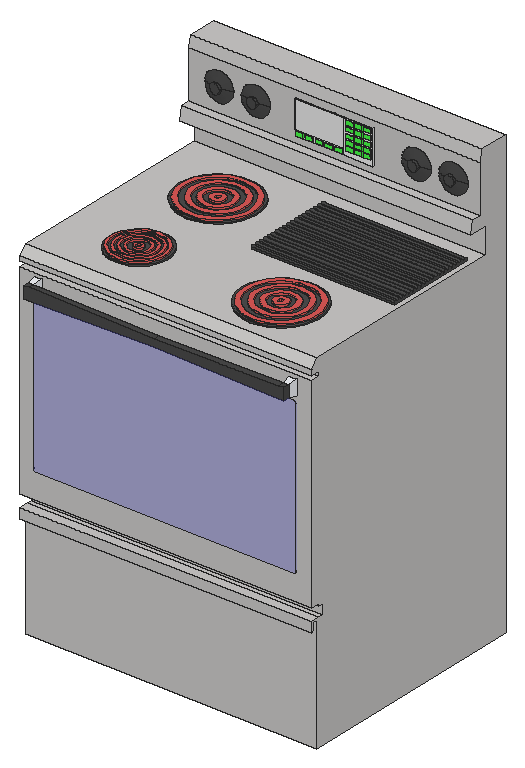
Revit family
Reference planes (in)
  plane 1 "Center Front/Back": y = 0
  plane 2: z = 0
  plane 3 "Center Left/Right": x = 0
Forms (in)
  Extrusion 1, solid, material "stove"
    sketch origin (0, 0, 0) x (0, 1, 0) y (0, 0, 1)
      loop
        line (12, 36) -> (12, 46) -> (9, 46) -> (8.77491, 44.842) -> (8.77491, 39.94893) -> (7.82379, 39.94893) -> (7.58189, 38.70445) -> (9.44709, 38.70445) -> (9.44709, 36) -> (-12.25, 36) -> (-13, 35.25) -> (-13, 34.75) -> (-12, 34.75) -> (-12, 34.25) -> (-13, 34.25) -> (-13, 13.25) -> (-12, 13.25) -> (-12, 13) -> (-11.5, 13) -> (-11.5, 12) -> (-12, 12) -> (-13, 12) -> (-13, 11) -> (-12.25, 11) -> (-12.25, 0) -> (12, 0) -> (12, 36)
    from 0 to 30
  Extrusion 2, solid, material "Glass"
    sketch origin (0, 0, 0) x (1, 0, 0) y (0, 0, 1)
      loop
        arc (1.74444, 31.8774) -> (1.56767, 31.80418) -> (1.49444, 31.6274) r 0.25
        line (1.49444, 31.6274) -> (1.49444, 16.1274)
        arc (1.49444, 16.1274) -> (1.56767, 15.95063) -> (1.74444, 15.8774) r 0.25
        line (1.74444, 15.8774) -> (28.24444, 15.8774)
        arc (28.24444, 15.8774) -> (28.42122, 15.95063) -> (28.49444, 16.1274) r 0.25
        line (28.49444, 16.1274) -> (28.49444, 31.6274)
        arc (28.49444, 31.6274) -> (28.42122, 31.80418) -> (28.24444, 31.8774) r 0.25
        line (28.24444, 31.8774) -> (1.74444, 31.8774)
    from 12.25 to 13.10156
  Extrusion 3, void
    sketch origin (0, 0, 0) x (0, 1, 0) y (0, 0, 1)
      loop
        line (-12.92228, 11) -> (-12.25, 11) -> (-12.25, 11.8803) -> (-12.83312, 11.8803) -> (-12.83312, 11.08916) -> (-12.92228, 11)
    from 0 to 30
  Extrusion 4, solid, material "Heating pads"
    sketch origin (0, 0, 0) x (1, 0, 0) y (0, 1, 0)
      loop
        circle (7.5, 3.09022) r 4
    from 36 to 36.11618
  Extrusion 5, solid, material "Heating pads"
    sketch origin (29.60539, -10.12844, 0) x (-1, 0, 0) y (0, -1, 0)
      loop
        circle (7.5, -3.09022) r 4
    from 36 to 36.11618
  Extrusion 6, solid, material "Heating pads"
    sketch origin (0, 0, 0) x (1, 0, 0) y (0, 1, 0)
      loop
        circle (7.5, -7.08808) r 3
    from 36 to 36.11618
  Extrusion 7, solid, material "Default 2"
    sketch origin (0, 0, 0) x (0, 1, 0) y (0, 0, 1)
      loop
        line (-1.53823, 36) -> (7.71177, 36) -> (7.71177, 36.23097)
        arc (7.71177, 36.23097) -> (7.58677, 36.35597) -> (7.46177, 36.23097) r 0.125
        arc (7.46177, 36.23097) -> (7.33677, 36.10597) -> (7.21177, 36.23097) r 0.125
        arc (7.21177, 36.23097) -> (7.08677, 36.35597) -> (6.96177, 36.23097) r 0.125
        arc (6.96177, 36.23097) -> (6.83677, 36.10597) -> (6.71177, 36.23097) r 0.125
        arc (6.71177, 36.23097) -> (6.58677, 36.35597) -> (6.46177, 36.23097) r 0.125
        arc (6.46177, 36.23097) -> (6.33677, 36.10597) -> (6.21177, 36.23097) r 0.125
        arc (6.21177, 36.23097) -> (6.08677, 36.35597) -> (5.96177, 36.23097) r 0.125
        arc (5.96177, 36.23097) -> (5.83677, 36.10597) -> (5.71177, 36.23097) r 0.125
        arc (5.71177, 36.23097) -> (5.58677, 36.35597) -> (5.46177, 36.23097) r 0.125
        arc (5.46177, 36.23097) -> (5.33677, 36.10597) -> (5.21177, 36.23097) r 0.125
        arc (5.21177, 36.23097) -> (5.08677, 36.35597) -> (4.96177, 36.23097) r 0.125
        arc (4.96177, 36.23097) -> (4.83677, 36.10597) -> (4.71177, 36.23097) r 0.125
        arc (4.71177, 36.23097) -> (4.58677, 36.35597) -> (4.46177, 36.23097) r 0.125
        arc (4.46177, 36.23097) -> (4.33677, 36.10597) -> (4.21177, 36.23097) r 0.125
        arc (4.21177, 36.23097) -> (4.08677, 36.35597) -> (3.96177, 36.23097) r 0.125
        arc (3.96177, 36.23097) -> (3.83677, 36.10597) -> (3.71177, 36.23097) r 0.125
        arc (3.71177, 36.23097) -> (3.58677, 36.35597) -> (3.46177, 36.23097) r 0.125
        arc (3.46177, 36.23097) -> (3.33677, 36.10597) -> (3.21177, 36.23097) r 0.125
        arc (3.21177, 36.23097) -> (3.08677, 36.35597) -> (2.96177, 36.23097) r 0.125
        arc (2.96177, 36.23097) -> (2.83677, 36.10597) -> (2.71177, 36.23097) r 0.125
        arc (2.71177, 36.23097) -> (2.58677, 36.35597) -> (2.46177, 36.23097) r 0.125
        arc (2.46177, 36.23097) -> (2.33677, 36.10597) -> (2.21177, 36.23097) r 0.125
        arc (2.21177, 36.23097) -> (2.08677, 36.35597) -> (1.96177, 36.23097) r 0.125
        arc (1.96177, 36.23097) -> (1.83677, 36.10597) -> (1.71177, 36.23097) r 0.125
        arc (1.71177, 36.23097) -> (1.58677, 36.35597) -> (1.46177, 36.23097) r 0.125
        arc (1.46177, 36.23097) -> (1.33677, 36.10597) -> (1.21177, 36.23097) r 0.125
        arc (1.21177, 36.23097) -> (1.08677, 36.35597) -> (0.96177, 36.23097) r 0.125
        arc (0.96177, 36.23097) -> (0.83677, 36.10597) -> (0.71177, 36.23097) r 0.125
        arc (0.71177, 36.23097) -> (0.58677, 36.35597) -> (0.46177, 36.23097) r 0.125
        arc (0.46177, 36.23097) -> (0.33677, 36.10597) -> (0.21177, 36.23097) r 0.125
        arc (0.21177, 36.23097) -> (0.08677, 36.35597) -> (-0.03823, 36.23097) r 0.125
        arc (-0.03823, 36.23097) -> (-0.16323, 36.10597) -> (-0.28823, 36.23097) r 0.125
        arc (-0.28823, 36.23097) -> (-0.41323, 36.35597) -> (-0.53823, 36.23097) r 0.125
        arc (-0.53823, 36.23097) -> (-0.66323, 36.10597) -> (-0.78823, 36.23097) r 0.125
        arc (-0.78823, 36.23097) -> (-0.91323, 36.35597) -> (-1.03823, 36.23097) r 0.125
        arc (-1.03823, 36.23097) -> (-1.16323, 36.10597) -> (-1.28823, 36.23097) r 0.125
        arc (-1.28823, 36.23097) -> (-1.41323, 36.35597) -> (-1.53823, 36.23097) r 0.125
        line (-1.53823, 36.23097) -> (-1.53823, 36)
    from 14.69231 to 29.40657
  Extrusion 8, solid, material "Stove Pads"
    sketch origin (0, -0.01363, 0) x (1, 0, 0) y (0, 1, 0)
      loop
        circle (7.5, 3.09022) r 3.75
      loop
        circle (7.5, 3.09022) r 3.25
    from 36.11618 to 36.23097
  Extrusion 9, solid, material "Stove Pads"
    sketch origin (0, 0.08999, 0) x (1, 0, 0) y (0, 1, 0)
      loop
        circle (7.5, 3.09022) r 2.75
      loop
        circle (7.5, 3.09022) r 2.25
    from 36.11618 to 36.23097
  Extrusion 10, solid, material "Stove Pads"
    sketch origin (0, 0.01273, 0) x (1, 0, 0) y (0, 1, 0)
      loop
        circle (7.5, 3.09022) r 1.75
      loop
        circle (7.5, 3.09022) r 1.25
    from 36.11618 to 36.23097
  Extrusion 11, solid, material "Stove Pads"
    sketch origin (0, 0.01092, 0) x (1, 0, 0) y (0, 1, 0)
      loop
        circle (7.5, 3.09022) r 0.75
      loop
        circle (7.5, 3.09022) r 0.25
    from 36.11618 to 36.23097
  Extrusion 12, solid, material "Stove Pads"
    sketch origin (14.60507, -10.12695, 0) x (1, 0, 0) y (0, 1, 0)
      loop
        circle (7.5, 3.09022) r 3.75
      loop
        circle (7.5, 3.09022) r 3.25
    from 36.11618 to 36.23097
  Extrusion 13, solid, material "Stove Pads"
    sketch origin (14.60507, -10.02333, 0) x (1, 0, 0) y (0, 1, 0)
      loop
        circle (7.5, 3.09022) r 2.75
      loop
        circle (7.5, 3.09022) r 2.25
    from 36.11618 to 36.23097
  Extrusion 14, solid, material "Stove Pads"
    sketch origin (14.60507, -10.10059, 0) x (1, 0, 0) y (0, 1, 0)
      loop
        circle (7.5, 3.09022) r 1.75
      loop
        circle (7.5, 3.09022) r 1.25
    from 36.11618 to 36.23097
  Extrusion 15, solid, material "Stove Pads"
    sketch origin (14.60507, -10.10239, 0) x (1, 0, 0) y (0, 1, 0)
      loop
        circle (7.5, 3.09022) r 0.75
      loop
        circle (7.5, 3.09022) r 0.25
    from 36.11618 to 36.23097
  Extrusion 16, solid, material "Stove Pads"
    sketch origin (-0.05999, 0, 0) x (1, 0, 0) y (0, 1, 0)
      loop
        circle (7.5, -7.08808) r 2.75
      loop
        circle (7.5, -7.08808) r 2.5
    from 36.11618 to 36.23097
  Extrusion 17, solid, material "Stove Pads"
    sketch origin (0, 0.00818, 0) x (1, 0, 0) y (0, 1, 0)
      loop
        circle (7.5, -7.08808) r 2.25
      loop
        circle (7.5, -7.08808) r 2
    from 36.11618 to 36.23097
  Extrusion 18, solid, material "Stove Pads"
    sketch origin (0, 0, 0) x (1, 0, 0) y (0, 1, 0)
      loop
        circle (7.5, -7.08808) r 1.75
      loop
        circle (7.5, -7.08808) r 1.5
    from 36.11618 to 36.23097
  Extrusion 19, solid, material "Stove Pads"
    sketch origin (0, 0, 0) x (1, 0, 0) y (0, 1, 0)
      loop
        circle (7.5, -7.08808) r 1.25
      loop
        circle (7.5, -7.08808) r 1
    from 36.11618 to 36.23097
  Extrusion 20, solid, material "Stove Pads"
    sketch origin (0, 0, 0) x (1, 0, 0) y (0, 1, 0)
      loop
        circle (7.5, -7.08808) r 0.5
      loop
        circle (7.5, -7.08808) r 0.25
    from 36.11618 to 36.23097
  Blend 21, solid, material "handles"
    base sketch origin (0, 0, 0) x (1, 0, 0) y (0, 0, 1)
      loop
        line (1.49444, 33.87561) -> (1.49444, 32.37561) -> (2.24444, 32.37561) -> (2.24444, 33.87561) -> (1.49444, 33.87561)
    top sketch origin (0, 0, 0) x (1, 0, 0) y (0, 0, 1)
      loop
        line (1.61665, 32.48996) -> (2.11665, 32.48996) -> (2.11665, 33.73996) -> (1.61665, 33.73996) -> (1.61665, 32.48996)
    from 13 to 13.90191
  Blend 22, solid, material "handles"
    base sketch origin (29.98888, 0, 0) x (-1, 0, 0) y (0, 0, -1)
      loop
        line (1.49444, -33.87561) -> (2.24444, -33.87561) -> (2.24444, -32.37561) -> (1.49444, -32.37561) -> (1.49444, -33.87561)
    top sketch origin (29.98888, 0, 0) x (-1, 0, 0) y (0, 0, -1)
      loop
        line (1.61665, -32.48996) -> (1.61665, -33.73996) -> (2.11665, -33.73996) -> (2.11665, -32.48996) -> (1.61665, -32.48996)
    from 13 to 13.90191
  Extrusion 23, solid, material "wood"
    sketch origin (0, 0, 0) x (1, 0, 0) y (0, 0, 1)
      loop
        line (1.61665, 32.48996) -> (2.11665, 32.48996) -> (14.99444, 32.73996) -> (27.87223, 32.48996) -> (28.37223, 32.48996) -> (28.37223, 33.73996) -> (27.87223, 33.73996) -> (14.99444, 33.48996) -> (2.11665, 33.73996) -> (1.61665, 33.73996) -> (1.61665, 32.48996)
    from 13.90191 to 14.50118
  Blend 24, solid, material "knobs"
    base sketch origin (0, 0, 0) x (1, 0, 0) y (0, 0, 1)
      loop
        circle (3.05577, 42.39546) r 1.5
    top sketch origin (0, 0, 0) x (1, 0, 0) y (0, 0, 1)
      loop
        circle (3.05577, 42.39546) r 0.25
    from -8.77491 to -8.54015
  Blend 25, solid, material "knobs"
    base sketch origin (3.78332, 0, 0) x (1, 0, 0) y (0, 0, 1)
      loop
        circle (3.05577, 42.39546) r 1.5
    top sketch origin (3.78332, 0, 0) x (1, 0, 0) y (0, 0, 1)
      loop
        circle (3.05577, 42.39546) r 0.25
    from -8.77491 to -8.54015
  Blend 26, solid, material "knobs"
    base sketch origin (20.3484, 0, 0.00066) x (1, 0, 0) y (0, 0, 1)
      loop
        circle (3.05577, 42.39546) r 1.5
    top sketch origin (20.3484, 0, 0.00066) x (1, 0, 0) y (0, 0, 1)
      loop
        circle (3.05577, 42.39546) r 0.25
    from -8.77491 to -8.54015
  Blend 27, solid, material "knobs"
    base sketch origin (24.13374, 0, -0.00244) x (1, 0, 0) y (0, 0, 1)
      loop
        circle (3.05577, 42.39546) r 1.5
    top sketch origin (24.13374, 0, -0.00244) x (1, 0, 0) y (0, 0, 1)
      loop
        circle (3.05577, 42.39546) r 0.25
    from -8.77491 to -8.54015
  Extrusion 28, solid, material "knobs 2"
    sketch origin (0, 0, 0) x (1, 0, 0) y (0, 0, 1)
      loop
        circle (6.83988, 42.39546) r 0.25
    from -8.54015 to -8.41424
  Extrusion 29, solid, material "knobs 2"
    sketch origin (16.56512, 0, 0.00126) x (1, 0, 0) y (0, 0, 1)
      loop
        circle (6.83988, 42.39546) r 0.25
    from -8.54015 to -8.41424
  Extrusion 30, solid, material "knobs 2"
    sketch origin (20.34789, 0, -0.00126) x (1, 0, 0) y (0, 0, 1)
      loop
        circle (6.83988, 42.39546) r 0.25
    from -8.54015 to -8.41424
  Extrusion 31, solid, material "knobs"
    sketch origin (0, 0, 0) x (1, 0, 0) y (0, 0, 1)
      loop
        circle (6.83988, 42.39546) r 0.5
    from -8.41424 to -8.24108
  Extrusion 32, solid, material "knobs"
    sketch origin (16.56422, 0, 0) x (1, 0, 0) y (0, 0, 1)
      loop
        circle (6.83988, 42.39546) r 0.5
    from -8.41424 to -8.24108
  Extrusion 33, solid, material "knobs"
    sketch origin (20.35121, 0, 0.00066) x (1, 0, 0) y (0, 0, 1)
      loop
        circle (6.83988, 42.39546) r 0.5
    from -8.41424 to -8.24108
  Extrusion 34, solid, material "knobs 2"
    sketch origin (-3.78365, 0, 0.00332) x (1, 0, 0) y (0, 0, 1)
      loop
        circle (6.83988, 42.39546) r 0.25
    from -8.54015 to -8.41424
  Extrusion 35, solid, material "knobs"
    sketch origin (-3.78365, 0, 0.00332) x (1, 0, 0) y (0, 0, 1)
      loop
        circle (6.83988, 42.39546) r 0.5
    from -8.41424 to -8.24108
  Extrusion 36, solid, material "touch pad base"
    sketch origin (0, 0, 0) x (1, 0, 0) y (0, 0, 1)
      loop
        line (15, 44.12561) -> (11, 44.12561) -> (11, 40.62561) -> (15, 40.62561) -> (19, 40.62561) -> (19, 44.12561) -> (15, 44.12561)
    from -8.77491 to -8.70996
  Extrusion 37, solid, material "touch pad buttons"
    sketch origin (0, 0, 0) x (1, 0, 0) y (0, 0, 1)
      loop
        line (11.82636, 40.71236) -> (11.82636, 41.14418) -> (11.07636, 41.14418) -> (11.07636, 40.71236) -> (11.82636, 40.71236)
      loop
        line (12.06279, 41.14418) -> (12.06279, 40.71236) -> (12.81279, 40.71236) -> (12.81279, 41.14418) -> (12.06279, 41.14418)
      loop
        line (13.08289, 41.14418) -> (13.08289, 40.71236) -> (13.83289, 40.71236) -> (13.83289, 41.14418) -> (13.08289, 41.14418)
      loop
        line (14.10486, 41.14418) -> (14.10486, 40.71236) -> (14.85486, 40.71236) -> (14.85486, 41.14418) -> (14.10486, 41.14418)
      loop
        line (15.13455, 41.14418) -> (15.13455, 40.71236) -> (15.88455, 40.71236) -> (15.88455, 41.14418) -> (15.13455, 41.14418)
      loop
        line (16.24118, 41.14418) -> (16.99118, 41.14418) -> (16.99118, 41.57601) -> (16.24118, 41.57601) -> (16.24118, 41.14418)
      loop
        line (17.13243, 41.14418) -> (17.88243, 41.14418) -> (17.88243, 41.57601) -> (17.13243, 41.57601) -> (17.13243, 41.14418)
      loop
        line (18.02367, 41.14418) -> (18.77367, 41.14418) -> (18.77367, 41.57601) -> (18.02367, 41.57601) -> (18.02367, 41.14418)
      loop
        line (18.02367, 41.67749) -> (18.77367, 41.67749) -> (18.77367, 42.10931) -> (18.02367, 42.10931) -> (18.02367, 41.67749)
      loop
        line (17.88243, 41.67749) -> (17.88243, 42.10931) -> (17.13243, 42.10931) -> (17.13243, 41.67749) -> (17.88243, 41.67749)
      loop
        line (16.99118, 41.67749) -> (16.99118, 42.10931) -> (16.24118, 42.10931) -> (16.24118, 41.67749) -> (16.99118, 41.67749)
      loop
        line (16.99118, 42.28718) -> (16.99118, 42.719) -> (16.24118, 42.719) -> (16.24118, 42.28718) -> (16.99118, 42.28718)
      loop
        line (17.13243, 42.719) -> (17.13243, 42.28718) -> (17.88243, 42.28718) -> (17.88243, 42.719) -> (17.13243, 42.719)
      loop
        line (18.02367, 42.28718) -> (18.77367, 42.28718) -> (18.77367, 42.719) -> (18.02367, 42.719) -> (18.02367, 42.28718)
      loop
        line (18.02367, 42.92749) -> (18.77367, 42.92749) -> (18.77367, 43.35931) -> (18.02367, 43.35931) -> (18.02367, 42.92749)
      loop
        line (17.88243, 42.92749) -> (17.88243, 43.35931) -> (17.13243, 43.35931) -> (17.13243, 42.92749) -> (17.88243, 42.92749)
      loop
        line (16.99118, 42.92749) -> (16.99118, 43.35931) -> (16.24118, 43.35931) -> (16.24118, 42.92749) -> (16.99118, 42.92749)
      loop
        line (16.24118, 43.5505) -> (16.99118, 43.5505) -> (16.99118, 43.98232) -> (16.24118, 43.98232) -> (16.24118, 43.5505)
      loop
        line (17.13243, 43.98232) -> (17.13243, 43.5505) -> (17.88243, 43.5505) -> (17.88243, 43.98232) -> (17.13243, 43.98232)
      loop
        line (18.02367, 43.98232) -> (18.02367, 43.5505) -> (18.77367, 43.5505) -> (18.77367, 43.98232) -> (18.02367, 43.98232)
    from -8.70996 to -8.6664
  Extrusion 38, solid, material "touch pad"
    sketch origin (0, 0, 0) x (1, 0, 0) y (0, 0, 1)
      loop
        line (11, 44.12561) -> (11, 41.21106) -> (16, 41.21106) -> (16, 44.12561) -> (11, 44.12561)
    from -8.77491 to -8.6664
Cuts and joins
  Extrusion 3 cuts Extrusion 1
Lines and regions (in)
  model lines
    curve 1: line (0, -12.25, 0) -> (0, 12, 0)
    curve 2: line (0, -12.25, 0) -> (0, -12.25, 11)
    curve 3: line (0, -12.92228, 11) -> (0, -13, 11)
    curve 4: line (0, -13, 11) -> (0, -13, 12)
    curve 5: line (0, -13, 12) -> (0, -12, 12)
    curve 6: line (0, 12, 0) -> (0, 12, 36)
    curve 7: line (0, 9.44709, 36) -> (0, -12.25, 36)
    curve 8: line (0, 12, 36) -> (0, 12, 46)
    curve 9: line (0, 12, 46) -> (0, 9, 46)
    curve 10: line (0, 7.58189, 38.70445) -> (0, 9.44709, 38.70445)
    curve 11: line (0, 9.44709, 38.70445) -> (0, 9.44709, 36)
    curve 12: line (0, -12, 12) -> (0, -11.5, 12)
    curve 13: line (0, -11.5, 12) -> (0, -11.5, 13)
    curve 14: line (0, -11.5, 13) -> (0, -12, 13)
    curve 15: line (0, -12, 13) -> (0, -12, 13.25)
    curve 16: line (0, -12, 13.25) -> (0, -13, 13.25)
    curve 17: line (0, -13, 13.25) -> (0, -13, 34.25)
    curve 18: line (0, -13, 34.25) -> (0, -12, 34.25)
    curve 19: line (0, -12, 34.25) -> (0, -12, 34.75)
    curve 20: line (0, -12, 34.75) -> (0, -13, 34.75)
    curve 21: line (0, -13, 34.75) -> (0, -13, 35.25)
    curve 22: line (0, -13, 35.25) -> (0, -12.25, 36)
    curve 23: line (1.74444, 0, 31.8774) -> (28.24444, 0, 31.8774)
    curve 24: line (1.49444, 0, 16.1274) -> (1.49444, 0, 31.6274)
    curve 25: line (28.24444, 0, 15.8774) -> (1.74444, 0, 15.8774)
    curve 26: line (28.49444, 0, 31.6274) -> (28.49444, 0, 16.1274)
    curve 27: arc (1.49444, 0, 31.6274) -> (1.56767, 0, 31.80418) -> (1.74444, 0, 31.8774) r 0.25
    curve 28: arc (1.49444, 0, 16.1274) -> (1.56767, 0, 15.95063) -> (1.74444, 0, 15.8774) r 0.25
    curve 29: arc (28.49444, 0, 31.6274) -> (28.42122, 0, 31.80418) -> (28.24444, 0, 31.8774) r 0.25
    curve 30: arc (28.49444, 0, 16.1274) -> (28.42122, 0, 15.95063) -> (28.24444, 0, 15.8774) r 0.25
    curve 31: line (0, -12.92228, 11) -> (0, -12.83312, 11.08916)
    curve 32: line (0, -12.83312, 11.08916) -> (0, -12.83312, 11.8803)
    curve 33: line (0, -12.83312, 11.8803) -> (0, -12.25, 11.8803)
    curve 34: line (0, -12.25, 11.8803) -> (0, -12.25, 11)
    curve 35: line (1.49444, 0, 33.87561) -> (2.24444, 0, 33.87561)
    curve 36: line (1.49444, 0, 32.37561) -> (1.49444, 0, 33.87561)
    curve 37: line (2.24444, 0, 32.37561) -> (1.49444, 0, 32.37561)
    curve 38: line (2.24444, 0, 33.87561) -> (2.24444, 0, 32.37561)
    curve 39: line (1.61665, 0, 33.73996) -> (2.11665, 0, 33.73996)
    curve 40: line (1.61665, 0, 32.48996) -> (1.61665, 0, 33.73996)
    curve 41: line (2.11665, 0, 32.48996) -> (1.61665, 0, 32.48996)
    curve 42: line (2.11665, 0, 33.73996) -> (2.11665, 0, 32.48996)
    curve 43: line (7.5, 7.09022, 0) -> (7.5, -0.90978, 0)
    curve 44: line (3.5, 3.09022, 0) -> (11.5, 3.09022, 0)
    curve 45: circle (7.5, 3.09022, 0) r 3.75 normal (0, 0, 1)
    curve 46: circle (7.5, 3.09022, 0) r 3.25 normal (0, 0, 1)
    curve 47: circle (7.5, 3.09022, 0) r 2.75 normal (0, 0, 1)
    curve 48: circle (7.5, 3.09022, 0) r 2.25 normal (0, 0, 1)
    curve 49: circle (7.5, 3.09022, 0) r 1.75 normal (0, 0, 1)
    curve 50: circle (7.5, 3.09022, 0) r 1.25 normal (0, 0, 1)
    curve 51: circle (7.5, 3.09022, 0) r 0.75 normal (0, 0, 1)
    curve 52: circle (7.5, 3.09022, 0) r 0.25 normal (0, 0, 1)
    curve 53: line (7.5, -4.08808, 0) -> (7.5, -10.08808, 0)
    curve 54: line (4.5, -7.08808, 0) -> (10.5, -7.08808, 0)
    curve 55: circle (7.5, -7.08808, 0) r 2.75 normal (0, 0, 1)
    curve 56: circle (7.5, -7.08808, 0) r 2.5 normal (0, 0, 1)
    curve 57: circle (7.5, -7.08808, 0) r 2.25 normal (0, 0, 1)
    curve 58: circle (7.5, -7.08808, 0) r 2 normal (0, 0, 1)
    curve 59: circle (7.5, -7.08808, 0) r 1.75 normal (0, 0, 1)
    curve 60: circle (7.5, -7.08808, 0) r 1.5 normal (0, 0, 1)
    curve 61: circle (7.5, -7.08808, 0) r 1.25 normal (0, 0, 1)
    curve 62: circle (7.5, -7.08808, 0) r 1 normal (0, 0, 1)
    curve 63: circle (7.5, -7.08808, 0) r 0.5 normal (0, 0, 1)
    curve 64: circle (7.5, -7.08808, 0) r 0.25 normal (0, 0, 1)
    curve 65: line (28.49444, 0, 33.87561) -> (27.74444, 0, 33.87561)
    curve 66: line (28.49444, 0, 32.37561) -> (28.49444, 0, 33.87561)
    curve 67: line (27.74444, 0, 33.87561) -> (27.74444, 0, 32.37561)
    curve 68: line (28.37223, 0, 33.73996) -> (27.87223, 0, 33.73996)
    curve 69: line (28.37223, 0, 32.48996) -> (28.37223, 0, 33.73996)
    curve 70: line (27.87223, 0, 32.48996) -> (28.37223, 0, 32.48996)
    curve 71: line (27.87223, 0, 33.73996) -> (27.87223, 0, 32.48996)
    curve 72: line (2.11665, 0, 32.48996) -> (14.99444, 0, 32.73996)
    curve 73: line (27.87223, 0, 32.48996) -> (14.99444, 0, 32.73996)
    curve 74: line (2.11665, 0, 33.73996) -> (14.99444, 0, 33.48996)
    curve 75: line (14.99444, 0, 33.48996) -> (27.87223, 0, 33.73996)
